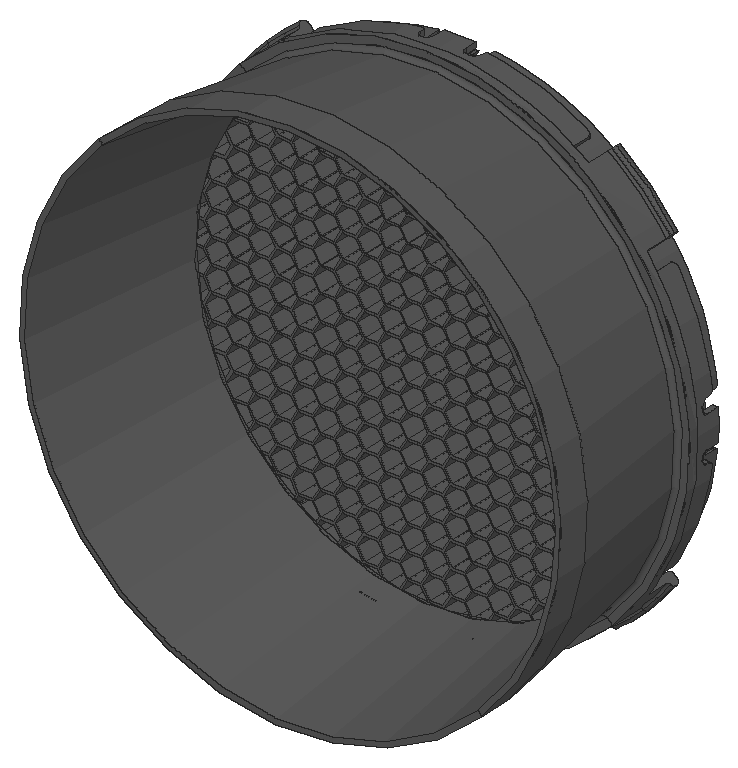
Revit family "SD1906", category Luminárias, Revit 2023 (continued)
Forms (m)
  Extrusion 14, void
    sketch origin (0, 0, 0) x (1, 0, 0) y (0, 0, 1)
      loop
        line (0.074428, 0.01625) -> (0.07567, 0.0184) -> (0.074428, 0.02055) -> (0.071946, 0.02055) -> (0.070704, 0.0184) -> (0.071946, 0.01625) -> (0.074428, 0.01625)
      loop
        line (0.074428, 0.02085) -> (0.07567, 0.023) -> (0.074428, 0.02515) -> (0.071946, 0.02515) -> (0.070704, 0.023) -> (0.071946, 0.02085) -> (0.074428, 0.02085)
      loop
        line (0.074428, 0.02545) -> (0.07567, 0.0276) -> (0.074428, 0.02975) -> (0.071946, 0.02975) -> (0.070704, 0.0276) -> (0.071946, 0.02545) -> (0.074428, 0.02545)
      loop
        line (0.074428, 0.03005) -> (0.07567, 0.0322) -> (0.074428, 0.03435) -> (0.071946, 0.03435) -> (0.070704, 0.0322) -> (0.071946, 0.03005) -> (0.074428, 0.03005)
      loop
        line (0.074428, -0.03435) -> (0.07567, -0.0322) -> (0.074428, -0.03005) -> (0.071946, -0.03005) -> (0.070704, -0.0322) -> (0.071946, -0.03435) -> (0.074428, -0.03435)
      loop
        line (0.074428, -0.02975) -> (0.07567, -0.0276) -> (0.074428, -0.02545) -> (0.071946, -0.02545) -> (0.070704, -0.0276) -> (0.071946, -0.02975) -> (0.074428, -0.02975)
      loop
        line (0.074428, -0.02515) -> (0.07567, -0.023) -> (0.074428, -0.02085) -> (0.071946, -0.02085) -> (0.070704, -0.023) -> (0.071946, -0.02515) -> (0.074428, -0.02515)
      loop
        line (0.074428, -0.02055) -> (0.07567, -0.0184) -> (0.074428, -0.01625) -> (0.071946, -0.01625) -> (0.070704, -0.0184) -> (0.071946, -0.02055) -> (0.074428, -0.02055)
      loop
        line (0.074428, -0.01595) -> (0.07567, -0.0138) -> (0.074428, -0.01165) -> (0.071946, -0.01165) -> (0.070704, -0.0138) -> (0.071946, -0.01595) -> (0.074428, -0.01595)
      loop
        line (0.074428, -0.01135) -> (0.07567, -0.0092) -> (0.074428, -0.00705) -> (0.071946, -0.00705) -> (0.070704, -0.0092) -> (0.071946, -0.01135) -> (0.074428, -0.01135)
      loop
        line (0.074428, -0.00675) -> (0.07567, -0.0046) -> (0.074428, -0.00245) -> (0.071946, -0.00245) -> (0.070704, -0.0046) -> (0.071946, -0.00675) -> (0.074428, -0.00675)
      loop
        line (0.078418, -0.00016) -> (0.075935, -0.00016) -> (0.074705, -0.00229) -> (0.075952, -0.00445) -> (0.0784, -0.00445) -> (0.079647, -0.00229) -> (0.078418, -0.00016)
      loop
        line (0.078418, 0.00016) -> (0.079647, 0.00229) -> (0.0784, 0.00445) -> (0.075952, 0.00445) -> (0.074705, 0.00229) -> (0.075935, 0.00016) -> (0.078418, 0.00016)
      loop
        line (0.078418, -0.00477) -> (0.075935, -0.00477) -> (0.074705, -0.0069) -> (0.075952, -0.00906) -> (0.0784, -0.00906) -> (0.079647, -0.0069) -> (0.078418, -0.00477)
      loop
        line (0.078418, -0.00938) -> (0.075935, -0.00938) -> (0.074705, -0.01151) -> (0.075952, -0.01367) -> (0.0784, -0.01367) -> (0.079647, -0.01151) -> (0.078418, -0.00938)
      loop
        line (0.078418, -0.01399) -> (0.075935, -0.01399) -> (0.074705, -0.01612) -> (0.075952, -0.01828) -> (0.0784, -0.01828) -> (0.079647, -0.01612) -> (0.078418, -0.01399)
      loop
        line (0.078418, -0.0186) -> (0.075935, -0.0186) -> (0.074705, -0.02073) -> (0.075952, -0.02289) -> (0.0784, -0.02289) -> (0.079647, -0.02073) -> (0.078418, -0.0186)
      loop
        line (0.078418, -0.02321) -> (0.075935, -0.02321) -> (0.074705, -0.02534) -> (0.075952, -0.0275) -> (0.0784, -0.0275) -> (0.079647, -0.02534) -> (0.078418, -0.02321)
      loop
        line (0.078418, -0.02782) -> (0.075935, -0.02782) -> (0.074705, -0.02995) -> (0.075952, -0.03211) -> (0.0784, -0.03211) -> (0.079647, -0.02995) -> (0.078418, -0.02782)
      loop
        line (0.078418, 0.03211) -> (0.075935, 0.03211) -> (0.074705, 0.02998) -> (0.075952, 0.02782) -> (0.0784, 0.02782) -> (0.079647, 0.02998) -> (0.078418, 0.03211)
      loop
        line (0.078418, 0.0275) -> (0.075935, 0.0275) -> (0.074705, 0.02537) -> (0.075952, 0.02321) -> (0.0784, 0.02321) -> (0.079647, 0.02537) -> (0.078418, 0.0275)
      loop
        line (0.078418, 0.02289) -> (0.075935, 0.02289) -> (0.074705, 0.02076) -> (0.075952, 0.0186) -> (0.0784, 0.0186) -> (0.079647, 0.02076) -> (0.078418, 0.02289)
      loop
        line (0.078418, 0.01828) -> (0.075935, 0.01828) -> (0.074705, 0.01615) -> (0.075952, 0.01399) -> (0.0784, 0.01399) -> (0.079647, 0.01615) -> (0.078418, 0.01828)
      loop
        line (0.078418, 0.01367) -> (0.075935, 0.01367) -> (0.074705, 0.01154) -> (0.075952, 0.00938) -> (0.0784, 0.00938) -> (0.079647, 0.01154) -> (0.078418, 0.01367)
      loop
        line (0.078418, 0.00906) -> (0.075935, 0.00906) -> (0.074705, 0.00693) -> (0.075952, 0.00477) -> (0.0784, 0.00477) -> (0.079647, 0.00693) -> (0.078418, 0.00906)
      loop
        line (0.079925, 0.00215) -> (0.078683, 0) -> (0.079925, -0.00215) -> (0.082407, -0.00215) -> (0.083649, 0) -> (0.082407, 0.00215) -> (0.079925, 0.00215)
      loop
        line (0.082407, 0.00245) -> (0.083649, 0.0046) -> (0.082407, 0.00675) -> (0.079925, 0.00675) -> (0.078683, 0.0046) -> (0.079925, 0.00245) -> (0.082407, 0.00245)
      loop
        line (0.082407, 0.00705) -> (0.083649, 0.0092) -> (0.082407, 0.01135) -> (0.079925, 0.01135) -> (0.078683, 0.0092) -> (0.079925, 0.00705) -> (0.082407, 0.00705)
      loop
        line (0.082407, 0.01165) -> (0.083649, 0.0138) -> (0.082407, 0.01595) -> (0.079925, 0.01595) -> (0.078683, 0.0138) -> (0.079925, 0.01165) -> (0.082407, 0.01165)
      loop
        line (0.082407, 0.01625) -> (0.083649, 0.0184) -> (0.082407, 0.02055) -> (0.079925, 0.02055) -> (0.078683, 0.0184) -> (0.079925, 0.01625) -> (0.082407, 0.01625)
      loop
        line (0.082407, 0.02085) -> (0.083649, 0.023) -> (0.082407, 0.02515) -> (0.079925, 0.02515) -> (0.078683, 0.023) -> (0.079925, 0.02085) -> (0.082407, 0.02085)
      loop
        line (0.082407, 0.02545) -> (0.083649, 0.0276) -> (0.082407, 0.02975) -> (0.079925, 0.02975) -> (0.078683, 0.0276) -> (0.079925, 0.02545) -> (0.082407, 0.02545)
      loop
        line (0.082407, -0.02975) -> (0.083649, -0.0276) -> (0.082407, -0.02545) -> (0.079925, -0.02545) -> (0.078683, -0.0276) -> (0.079925, -0.02975) -> (0.082407, -0.02975)
      loop
        line (0.082407, -0.02515) -> (0.083649, -0.023) -> (0.082407, -0.02085) -> (0.079925, -0.02085) -> (0.078683, -0.023) -> (0.079925, -0.02515) -> (0.082407, -0.02515)
      loop
        line (0.082407, -0.02055) -> (0.083649, -0.0184) -> (0.082407, -0.01625) -> (0.079925, -0.01625) -> (0.078683, -0.0184) -> (0.079925, -0.02055) -> (0.082407, -0.02055)
      loop
        line (0.082407, -0.01595) -> (0.083649, -0.0138) -> (0.082407, -0.01165) -> (0.079925, -0.01165) -> (0.078683, -0.0138) -> (0.079925, -0.01595) -> (0.082407, -0.01595)
      loop
        line (0.082407, -0.01135) -> (0.083649, -0.0092) -> (0.082407, -0.00705) -> (0.079925, -0.00705) -> (0.078683, -0.0092) -> (0.079925, -0.01135) -> (0.082407, -0.01135)
      loop
        line (0.082407, -0.00675) -> (0.083649, -0.0046) -> (0.082407, -0.00245) -> (0.079925, -0.00245) -> (0.078683, -0.0046) -> (0.079925, -0.00675) -> (0.082407, -0.00675)
      loop
        line (0.086397, -0.00016) -> (0.083914, -0.00016) -> (0.082684, -0.00229) -> (0.083931, -0.00445) -> (0.086379, -0.00445) -> (0.087626, -0.00229) -> (0.086397, -0.00016)
      loop
        line (0.086397, 0.00016) -> (0.087626, 0.00229) -> (0.086379, 0.00445) -> (0.083931, 0.00445) -> (0.082684, 0.00229) -> (0.083914, 0.00016) -> (0.086397, 0.00016)
      loop
        line (0.086397, -0.00477) -> (0.083914, -0.00477) -> (0.082684, -0.0069) -> (0.083931, -0.00906) -> (0.086379, -0.00906) -> (0.087626, -0.0069) -> (0.086397, -0.00477)
      loop
        line (0.086397, -0.00938) -> (0.083914, -0.00938) -> (0.082684, -0.01151) -> (0.083931, -0.01367) -> (0.086379, -0.01367) -> (0.087626, -0.01151) -> (0.086397, -0.00938)
      loop
        line (0.086397, -0.01399) -> (0.083914, -0.01399) -> (0.082684, -0.01612) -> (0.083931, -0.01828) -> (0.086379, -0.01828) -> (0.087626, -0.01612) -> (0.086397, -0.01399)
      loop
        line (0.086397, -0.0186) -> (0.083914, -0.0186) -> (0.082684, -0.02073) -> (0.083931, -0.02289) -> (0.086379, -0.02289) -> (0.087626, -0.02073) -> (0.086397, -0.0186)
      loop
        line (0.086397, 0.02289) -> (0.083914, 0.02289) -> (0.082684, 0.02076) -> (0.083931, 0.0186) -> (0.086379, 0.0186) -> (0.087626, 0.02076) -> (0.086397, 0.02289)
      loop
        line (0.086397, 0.01828) -> (0.083914, 0.01828) -> (0.082684, 0.01615) -> (0.083931, 0.01399) -> (0.086379, 0.01399) -> (0.087626, 0.01615) -> (0.086397, 0.01828)
      loop
        line (0.086397, 0.01367) -> (0.083914, 0.01367) -> (0.082684, 0.01154) -> (0.083931, 0.00938) -> (0.086379, 0.00938) -> (0.087626, 0.01154) -> (0.086397, 0.01367)
      loop
        line (0.086397, 0.00906) -> (0.083914, 0.00906) -> (0.082684, 0.00693) -> (0.083931, 0.00477) -> (0.086379, 0.00477) -> (0.087626, 0.00693) -> (0.086397, 0.00906)
      loop
        line (0.087904, 0.00215) -> (0.086662, 0) -> (0.087904, -0.00215) -> (0.090386, -0.00215) -> (0.091628, 0) -> (0.090386, 0.00215) -> (0.087904, 0.00215)
      loop
        line (0.090386, 0.00245) -> (0.091628, 0.0046) -> (0.090386, 0.00675) -> (0.087904, 0.00675) -> (0.086662, 0.0046) -> (0.087904, 0.00245) -> (0.090386, 0.00245)
      loop
        line (0.090386, 0.00705) -> (0.091628, 0.0092) -> (0.090386, 0.01135) -> (0.087904, 0.01135) -> (0.086662, 0.0092) -> (0.087904, 0.00705) -> (0.090386, 0.00705)
      loop
        line (0.090386, 0.01165) -> (0.091628, 0.0138) -> (0.090386, 0.01595) -> (0.087904, 0.01595) -> (0.086662, 0.0138) -> (0.087904, 0.01165) -> (0.090386, 0.01165)
      loop
        line (0.090386, -0.01595) -> (0.091628, -0.0138) -> (0.090386, -0.01165) -> (0.087904, -0.01165) -> (0.086662, -0.0138) -> (0.087904, -0.01595) -> (0.090386, -0.01595)
      loop
        line (0.090386, -0.01135) -> (0.091628, -0.0092) -> (0.090386, -0.00705) -> (0.087904, -0.00705) -> (0.086662, -0.0092) -> (0.087904, -0.01135) -> (0.090386, -0.01135)
      loop
        line (0.090386, -0.00675) -> (0.091628, -0.0046) -> (0.090386, -0.00245) -> (0.087904, -0.00245) -> (0.086662, -0.0046) -> (0.087904, -0.00675) -> (0.090386, -0.00675)
      loop
        line (0.06246, -0.00016) -> (0.059977, -0.00016) -> (0.058747, -0.00229) -> (0.059994, -0.00445) -> (0.062442, -0.00445) -> (0.06369, -0.00229) -> (0.06246, -0.00016)
      loop
        line (0.06246, 0.00016) -> (0.06369, 0.00229) -> (0.062442, 0.00445) -> (0.059994, 0.00445) -> (0.058747, 0.00229) -> (0.059977, 0.00016) -> (0.06246, 0.00016)
      loop
        line (0.06246, -0.00477) -> (0.059977, -0.00477) -> (0.058747, -0.0069) -> (0.059994, -0.00906) -> (0.062442, -0.00906) -> (0.06369, -0.0069) -> (0.06246, -0.00477)
      loop
        line (0.06246, -0.00938) -> (0.059977, -0.00938) -> (0.058747, -0.01151) -> (0.059994, -0.01367) -> (0.062442, -0.01367) -> (0.06369, -0.01151) -> (0.06246, -0.00938)
      loop
        line (0.06246, -0.01399) -> (0.059977, -0.01399) -> (0.058747, -0.01612) -> (0.059994, -0.01828) -> (0.062442, -0.01828) -> (0.06369, -0.01612) -> (0.06246, -0.01399)
      loop
        line (0.06246, -0.0186) -> (0.059977, -0.0186) -> (0.058747, -0.02073) -> (0.059994, -0.02289) -> (0.062442, -0.02289) -> (0.06369, -0.02073) -> (0.06246, -0.0186)
      loop
        line (0.06246, -0.02321) -> (0.059977, -0.02321) -> (0.058747, -0.02534) -> (0.059994, -0.0275) -> (0.062442, -0.0275) -> (0.06369, -0.02534) -> (0.06246, -0.02321)
      loop
        line (0.06246, -0.02782) -> (0.059977, -0.02782) -> (0.058747, -0.02995) -> (0.059994, -0.03211) -> (0.062442, -0.03211) -> (0.06369, -0.02995) -> (0.06246, -0.02782)
      loop
        line (0.06246, -0.03243) -> (0.059977, -0.03243) -> (0.058747, -0.03456) -> (0.059994, -0.03672) -> (0.062442, -0.03672) -> (0.06369, -0.03456) -> (0.06246, -0.03243)
      loop
        line (0.06246, -0.03704) -> (0.059977, -0.03704) -> (0.058747, -0.03917) -> (0.059994, -0.04133) -> (0.062442, -0.04133) -> (0.06369, -0.03917) -> (0.06246, -0.03704)
      loop
        line (0.06246, 0.03672) -> (0.059977, 0.03672) -> (0.058747, 0.03459) -> (0.059994, 0.03243) -> (0.062442, 0.03243) -> (0.06369, 0.03459) -> (0.06246, 0.03672)
      loop
        line (0.06246, 0.03704) -> (0.06369, 0.03917) -> (0.062442, 0.04133) -> (0.059994, 0.04133) -> (0.058747, 0.03917) -> (0.059977, 0.03704) -> (0.06246, 0.03704)
      loop
        line (0.06246, 0.03211) -> (0.059977, 0.03211) -> (0.058747, 0.02998) -> (0.059994, 0.02782) -> (0.062442, 0.02782) -> (0.06369, 0.02998) -> (0.06246, 0.03211)
      loop
        line (0.06246, 0.0275) -> (0.059977, 0.0275) -> (0.058747, 0.02537) -> (0.059994, 0.02321) -> (0.062442, 0.02321) -> (0.06369, 0.02537) -> (0.06246, 0.0275)
      loop
        line (0.06246, 0.02289) -> (0.059977, 0.02289) -> (0.058747, 0.02076) -> (0.059994, 0.0186) -> (0.062442, 0.0186) -> (0.06369, 0.02076) -> (0.06246, 0.02289)
      loop
        line (0.06246, 0.01828) -> (0.059977, 0.01828) -> (0.058747, 0.01615) -> (0.059994, 0.01399) -> (0.062442, 0.01399) -> (0.06369, 0.01615) -> (0.06246, 0.01828)
      loop
        line (0.06246, 0.01367) -> (0.059977, 0.01367) -> (0.058747, 0.01154) -> (0.059994, 0.00938) -> (0.062442, 0.00938) -> (0.06369, 0.01154) -> (0.06246, 0.01367)
      loop
        line (0.06246, 0.00906) -> (0.059977, 0.00906) -> (0.058747, 0.00693) -> (0.059994, 0.00477) -> (0.062442, 0.00477) -> (0.06369, 0.00693) -> (0.06246, 0.00906)
      loop
        line (0.034533, 0.03925) -> (0.035775, 0.0414) -> (0.034533, 0.04355) -> (0.032051, 0.04355) -> (0.030809, 0.0414) -> (0.032051, 0.03925) -> (0.034533, 0.03925)
      loop
        line (0.063967, 0.03925) -> (0.066449, 0.03925) -> (0.067691, 0.0414) -> (0.066449, 0.04355) -> (0.063967, 0.04355) -> (0.062725, 0.0414) -> (0.063967, 0.03925)
      loop
        line (0.026554, 0.03465) -> (0.027796, 0.0368) -> (0.026554, 0.03895) -> (0.024072, 0.03895) -> (0.02283, 0.0368) -> (0.024072, 0.03465) -> (0.026554, 0.03465)
      loop
        line (0.071946, 0.03465) -> (0.074428, 0.03465) -> (0.07567, 0.0368) -> (0.074428, 0.03895) -> (0.071946, 0.03895) -> (0.070704, 0.0368) -> (0.071946, 0.03465)
      loop
        line (0.034533, -0.03925) -> (0.032051, -0.03925) -> (0.030809, -0.0414) -> (0.032051, -0.04355) -> (0.034533, -0.04355) -> (0.035775, -0.0414) -> (0.034533, -0.03925)
      loop
        line (0.063967, -0.03925) -> (0.062725, -0.0414) -> (0.063967, -0.04355) -> (0.066449, -0.04355) -> (0.067691, -0.0414) -> (0.066449, -0.03925) -> (0.063967, -0.03925)
      loop
        line (0.026554, -0.03465) -> (0.024072, -0.03465) -> (0.02283, -0.0368) -> (0.024072, -0.03895) -> (0.026554, -0.03895) -> (0.027796, -0.0368) -> (0.026554, -0.03465)
      loop
        line (0.071946, -0.03465) -> (0.070704, -0.0368) -> (0.071946, -0.03895) -> (0.074428, -0.03895) -> (0.07567, -0.0368) -> (0.074428, -0.03465) -> (0.071946, -0.03465)
      loop
        line (0.018575, 0.03005) -> (0.019817, 0.0322) -> (0.018575, 0.03435) -> (0.016093, 0.03435) -> (0.014851, 0.0322) -> (0.016093, 0.03005) -> (0.018575, 0.03005)
      loop
        line (0.079925, 0.03005) -> (0.082407, 0.03005) -> (0.083649, 0.0322) -> (0.082407, 0.03435) -> (0.079925, 0.03435) -> (0.078683, 0.0322) -> (0.079925, 0.03005)
      loop
        line (0.018575, -0.03005) -> (0.016093, -0.03005) -> (0.014851, -0.0322) -> (0.016093, -0.03435) -> (0.018575, -0.03435) -> (0.019817, -0.0322) -> (0.018575, -0.03005)
      loop
        line (0.079925, -0.03005) -> (0.078683, -0.0322) -> (0.079925, -0.03435) -> (0.082407, -0.03435) -> (0.083649, -0.0322) -> (0.082407, -0.03005) -> (0.079925, -0.03005)
      loop
        line (0.014586, 0.0275) -> (0.012103, 0.0275) -> (0.010874, 0.02537) -> (0.012121, 0.02321) -> (0.014569, 0.02321) -> (0.015816, 0.02537) -> (0.014586, 0.0275)
      loop
        line (0.083914, 0.0275) -> (0.082684, 0.02537) -> (0.083931, 0.02321) -> (0.086379, 0.02321) -> (0.087626, 0.02537) -> (0.086397, 0.0275) -> (0.083914, 0.0275)
      loop
        line (0.014586, -0.0275) -> (0.015816, -0.02537) -> (0.014569, -0.02321) -> (0.012121, -0.02321) -> (0.010874, -0.02537) -> (0.012103, -0.0275) -> (0.014586, -0.0275)
      loop
        line (0.083914, -0.0275) -> (0.086397, -0.0275) -> (0.087626, -0.02537) -> (0.086379, -0.02321) -> (0.083931, -0.02321) -> (0.082684, -0.02537) -> (0.083914, -0.0275)
      loop
        line (0.010596, 0.02085) -> (0.011838, 0.023) -> (0.010596, 0.02515) -> (0.008114, 0.02515) -> (0.006872, 0.023) -> (0.008114, 0.02085) -> (0.010596, 0.02085)
      loop
        line (0.087904, 0.02085) -> (0.090386, 0.02085) -> (0.091628, 0.023) -> (0.090386, 0.02515) -> (0.087904, 0.02515) -> (0.086662, 0.023) -> (0.087904, 0.02085)
      loop
        line (0.010596, -0.02085) -> (0.008114, -0.02085) -> (0.006872, -0.023) -> (0.008114, -0.02515) -> (0.010596, -0.02515) -> (0.011838, -0.023) -> (0.010596, -0.02085)
      loop
        line (0.087904, -0.02085) -> (0.086662, -0.023) -> (0.087904, -0.02515) -> (0.090386, -0.02515) -> (0.091628, -0.023) -> (0.090386, -0.02085) -> (0.087904, -0.02085)
      loop
        line (0.006607, 0.01828) -> (0.004124, 0.01828) -> (0.002895, 0.01615) -> (0.004142, 0.01399) -> (0.00659, 0.01399) -> (0.007837, 0.01615) -> (0.006607, 0.01828)
      loop
        line (0.091893, 0.01828) -> (0.090663, 0.01615) -> (0.09191, 0.01399) -> (0.094358, 0.01399) -> (0.095605, 0.01615) -> (0.094376, 0.01828) -> (0.091893, 0.01828)
      loop
        line (0.006607, -0.01828) -> (0.007837, -0.01615) -> (0.00659, -0.01399) -> (0.004142, -0.01399) -> (0.002895, -0.01615) -> (0.004124, -0.01828) -> (0.006607, -0.01828)
      loop
        line (0.091893, -0.01828) -> (0.094376, -0.01828) -> (0.095605, -0.01615) -> (0.094358, -0.01399) -> (0.09191, -0.01399) -> (0.090663, -0.01615) -> (0.091893, -0.01828)
      loop
        line (0.006607, 0.00016) -> (0.007837, 0.00229) -> (0.00659, 0.00445) -> (0.004142, 0.00445) -> (0.002895, 0.00229) -> (0.004124, 0.00016) -> (0.006607, 0.00016)
      loop
        line (0.091893, 0.00016) -> (0.094376, 0.00016) -> (0.095605, 0.00229) -> (0.094358, 0.00445) -> (0.09191, 0.00445) -> (0.090663, 0.00229) -> (0.091893, 0.00016)
      loop
        line (0.006607, -0.00016) -> (0.004124, -0.00016) -> (0.002895, -0.00229) -> (0.004142, -0.00445) -> (0.00659, -0.00445) -> (0.007837, -0.00229) -> (0.006607, -0.00016)
      loop
        line (0.091893, -0.00016) -> (0.090663, -0.00229) -> (0.09191, -0.00445) -> (0.094358, -0.00445) -> (0.095605, -0.00229) -> (0.094376, -0.00016) -> (0.091893, -0.00016)
      loop
        line (0.047616, 0.04363) -> (0.046219, 0.046051) -> (0.044302, 0.046051) -> (0.042905, 0.04363) -> (0.044094, 0.04157) -> (0.046427, 0.04157) -> (0.047616, 0.04363)
      loop
        line (0.050884, 0.04363) -> (0.052073, 0.04157) -> (0.054406, 0.04157) -> (0.055595, 0.04363) -> (0.054198, 0.046051) -> (0.052281, 0.046051) -> (0.050884, 0.04363)
      loop
        line (0.047616, -0.04363) -> (0.046427, -0.04157) -> (0.044094, -0.04157) -> (0.042905, -0.04363) -> (0.044302, -0.046051) -> (0.046219, -0.046051) -> (0.047616, -0.04363)
      loop
        line (0.050884, -0.04363) -> (0.052281, -0.046051) -> (0.054198, -0.046051) -> (0.055595, -0.04363) -> (0.054406, -0.04157) -> (0.052073, -0.04157) -> (0.050884, -0.04363)
      loop
        line (0.055988, 0.04385) -> (0.05847, 0.04385) -> (0.059712, 0.046) -> (0.05847, 0.04815) -> (0.055988, 0.04815) -> (0.054746, 0.046) -> (0.055988, 0.04385)
      loop
        line (0.063574, 0.04363) -> (0.062385, 0.04569) -> (0.060052, 0.04569) -> (0.058863, 0.04363) -> (0.060052, 0.04157) -> (0.062385, 0.04157) -> (0.063574, 0.04363)
      loop
        line (0.042512, 0.04385) -> (0.043754, 0.046) -> (0.042512, 0.04815) -> (0.04003, 0.04815) -> (0.038788, 0.046) -> (0.04003, 0.04385) -> (0.042512, 0.04385)
      loop
        line (0.034926, 0.04363) -> (0.036115, 0.04157) -> (0.038448, 0.04157) -> (0.039637, 0.04363) -> (0.038448, 0.04569) -> (0.036115, 0.04569) -> (0.034926, 0.04363)
      loop
        line (0.055988, -0.04385) -> (0.054746, -0.046) -> (0.055988, -0.04815) -> (0.05847, -0.04815) -> (0.059712, -0.046) -> (0.05847, -0.04385) -> (0.055988, -0.04385)
      loop
        line (0.063574, -0.04363) -> (0.062385, -0.04157) -> (0.060052, -0.04157) -> (0.058863, -0.04363) -> (0.060052, -0.04569) -> (0.062385, -0.04569) -> (0.063574, -0.04363)
      loop
        line (0.042512, -0.04385) -> (0.04003, -0.04385) -> (0.038788, -0.046) -> (0.04003, -0.04815) -> (0.042512, -0.04815) -> (0.043754, -0.046) -> (0.042512, -0.04385)
      loop
        line (0.034926, -0.04363) -> (0.036115, -0.04569) -> (0.038448, -0.04569) -> (0.039637, -0.04363) -> (0.038448, -0.04157) -> (0.036115, -0.04157) -> (0.034926, -0.04363)
      loop
        line (0.028136, 0.04123) -> (0.026947, 0.03917) -> (0.028119, 0.03714) -> (0.030486, 0.03714) -> (0.031658, 0.03917) -> (0.030469, 0.04123) -> (0.028136, 0.04123)
      loop
        line (0.070364, 0.04123) -> (0.068031, 0.04123) -> (0.066842, 0.03917) -> (0.068014, 0.03714) -> (0.070381, 0.03714) -> (0.071553, 0.03917) -> (0.070364, 0.04123)
      loop
        line (0.028136, -0.04123) -> (0.030469, -0.04123) -> (0.031658, -0.03917) -> (0.030486, -0.03714) -> (0.028119, -0.03714) -> (0.026947, -0.03917) -> (0.028136, -0.04123)
      loop
        line (0.070364, -0.04123) -> (0.071553, -0.03917) -> (0.070381, -0.03714) -> (0.068014, -0.03714) -> (0.066842, -0.03917) -> (0.068031, -0.04123) -> (0.070364, -0.04123)
      loop
        line (0.022612, 0.036438) -> (0.02014, 0.03662) -> (0.018968, 0.03459) -> (0.020157, 0.03253) -> (0.02249, 0.03253) -> (0.023679, 0.03459) -> (0.022612, 0.036438)
      loop
        line (0.075888, 0.036438) -> (0.074821, 0.03459) -> (0.07601, 0.03253) -> (0.078343, 0.03253) -> (0.079532, 0.03459) -> (0.07836, 0.03662) -> (0.075888, 0.036438)
      loop
        line (0.022612, -0.036438) -> (0.023679, -0.03459) -> (0.02249, -0.03253) -> (0.020157, -0.03253) -> (0.018968, -0.03459) -> (0.02014, -0.03662) -> (0.022612, -0.036438)
      loop
        line (0.075888, -0.036438) -> (0.07836, -0.03662) -> (0.079532, -0.03459) -> (0.078343, -0.03253) -> (0.07601, -0.03253) -> (0.074821, -0.03459) -> (0.075888, -0.036438)
      loop
        line (0.0157, 0.02998) -> (0.014528, 0.03201) -> (0.012161, 0.03201) -> (0.010989, 0.02998) -> (0.012178, 0.02792) -> (0.014511, 0.02792) -> (0.0157, 0.02998)
      loop
        line (0.0828, 0.02998) -> (0.083989, 0.02792) -> (0.086322, 0.02792) -> (0.087511, 0.02998) -> (0.086339, 0.03201) -> (0.083972, 0.03201) -> (0.0828, 0.02998)
      loop
        line (0.011607, 0.0184) -> (0.010481, 0.02035) -> (0.008229, 0.02035) -> (0.007103, 0.0184) -> (0.008229, 0.01645) -> (0.010481, 0.01645) -> (0.011607, 0.0184)
      loop
        line (0.086893, 0.0184) -> (0.088019, 0.01645) -> (0.090271, 0.01645) -> (0.091397, 0.0184) -> (0.090271, 0.02035) -> (0.088019, 0.02035) -> (0.086893, 0.0184)
      loop
        line (0.011607, -0.0184) -> (0.010481, -0.01645) -> (0.008229, -0.01645) -> (0.007103, -0.0184) -> (0.008229, -0.02035) -> (0.010481, -0.02035) -> (0.011607, -0.0184)
      loop
        line (0.086893, -0.0184) -> (0.088019, -0.02035) -> (0.090271, -0.02035) -> (0.091397, -0.0184) -> (0.090271, -0.01645) -> (0.088019, -0.01645) -> (0.086893, -0.0184)
      loop
        line (0.006549, 0.01357) -> (0.004182, 0.01357) -> (0.00301, 0.01154) -> (0.004199, 0.00948) -> (0.006532, 0.00948) -> (0.007721, 0.01154) -> (0.006549, 0.01357)
      loop
        line (0.092009, 0.01347) -> (0.090894, 0.01154) -> (0.092026, 0.00958) -> (0.094243, 0.00958) -> (0.095375, 0.01154) -> (0.09426, 0.01347) -> (0.092009, 0.01347)
      loop
        line (0.006549, -0.01357) -> (0.007721, -0.01154) -> (0.006532, -0.00948) -> (0.004199, -0.00948) -> (0.00301, -0.01154) -> (0.004182, -0.01357) -> (0.006549, -0.01357)
      loop
        line (0.092009, -0.01347) -> (0.09426, -0.01347) -> (0.095375, -0.01154) -> (0.094243, -0.00958) -> (0.092026, -0.00958) -> (0.090894, -0.01154) -> (0.092009, -0.01347)
      loop
        line (0.00301, 0.00693) -> (0.004203, 0.00487) -> (0.006532, 0.00487) -> (0.007721, 0.00693) -> (0.006549, 0.00896) -> (0.004182, 0.00896) -> (0.00301, 0.00693)
      loop
        line (0.09549, 0.00693) -> (0.094318, 0.00896) -> (0.091951, 0.00896) -> (0.090779, 0.00693) -> (0.091968, 0.00487) -> (0.094297, 0.00487) -> (0.09549, 0.00693)
      loop
        line (0.00301, -0.00693) -> (0.004182, -0.00896) -> (0.006549, -0.00896) -> (0.007721, -0.00693) -> (0.006532, -0.00487) -> (0.004203, -0.00487) -> (0.00301, -0.00693)
      loop
        line (0.09549, -0.00693) -> (0.094297, -0.00487) -> (0.091968, -0.00487) -> (0.090779, -0.00693) -> (0.091951, -0.00896) -> (0.094318, -0.00896) -> (0.09549, -0.00693)
      loop
        line (0.0828, -0.02995) -> (0.083989, -0.03201) -> (0.086322, -0.03201) -> (0.087511, -0.02995) -> (0.086339, -0.02792) -> (0.083972, -0.02792) -> (0.0828, -0.02995)
      loop
        line (0.01447, -0.02802) -> (0.012219, -0.02802) -> (0.011104, -0.02995) -> (0.012236, -0.03191) -> (0.014453, -0.03191) -> (0.015585, -0.02995) -> (0.01447, -0.02802)
    from -0.01935 to -0.013
Cuts and joins
  Extrusion 2 cuts Revolve 1
  Extrusion 4, Extrusion 5, Extrusion 6 cuts Revolve 3
  joined: Revolve 1, Revolve 3
  Revolve 8, Extrusion 9, Extrusion 10, Extrusion 11, Extrusion 12 cuts Revolve 7
  Extrusion 14 cuts Extrusion 13
Lines and regions (m)
  reference lines
    curve 1: line (0, 0, 0) -> (0.0985, 0, 0)
  symbolic lines
    curve 2: line (0, -0.0205, 0.0497) -> (0, -0.0205, -0.0497)
    curve 3: line (0.04925, 0, 0.04625) -> (0.04925, 0, -0.04625)
Dimensions and locks (m)
  "system length 1": plane 3 "Esquerda" to plane 4 "Direita"
  "Altura": plane 5 to plane 6
  "Diâmetro": plane 4 "Direita" to plane 3 "Esquerda"
  aligned and locked: plane 4 "Direita" to curve 1
  aligned and locked: plane 1 "Centro (Frente/Trás)" to curve 1
  aligned and locked: level to plane 2
Automatic sketch dimensions
  curve 2 to plane 6 = 0 m
  curve 2 to plane 8 = 0.00045 m
  plane 7 to curve 2 = 0.00045 m
  plane 8 to curve 3 = 0.003 m
  curve 3 to plane 4 "Direita" = 0.04925 m
  curve 3 to plane 7 = 0.003 m
  curve 1 to plane 3 "Esquerda" = 0 m
  Revolve 1 sketch curve to plane 6 = 0 m
  plane 6 to Revolve 1 sketch curve = 0.006452 m
  Revolve 1 sketch curve to Revolve 1 sketch curve = 0.000113 m
  Revolve 1 sketch curve to plane 5 = 0.003542 m
  Revolve 1 sketch curve to Revolve 1 sketch curve = 0.000758 m
  Revolve 1 sketch curve to Revolve 1 sketch curve = 0.001 m
  Revolve 1 sketch curve to Revolve 1 sketch curve = 0.000434 m
  Revolve 1 sketch curve to plane 5 = 0.0098 m
  Revolve 1 sketch curve to Revolve 1 sketch curve = 0.000474 m
  Revolve 1 sketch curve to Revolve 1 sketch curve = 0.000583 m
  Revolve 1 sketch curve to Revolve 1 sketch curve = 0.000203 m
  Revolve 1 sketch curve to Revolve 1 sketch curve = 0.000326 m
  Revolve 1 sketch curve to Revolve 1 sketch curve = 0.000554 m
  Revolve 1 sketch curve to Revolve 1 sketch curve = 0.001416 m
  Revolve 1 sketch curve to plane 5 = 0.001904 m
  Revolve 1 sketch curve to Revolve 1 sketch curve = 0.000713 m
  Revolve 1 sketch curve to Revolve 1 sketch curve = 0.000121 m
  Revolve 1 sketch curve to plane 1 "Centro (Frente/Trás)" = 0.009786 m
  Revolve 1 sketch curve to Revolve 1 sketch curve = 0.000792 m
  Revolve 1 sketch curve to plane 5 = 0.008 m
  Revolve 1 sketch curve to Revolve 1 sketch curve = 0.002881 m
  Revolve 1 sketch curve to Revolve 1 sketch curve = 0.000349 m
  Revolve 1 sketch curve to Revolve 1 sketch curve = 0.000958 m
  Revolve 1 sketch curve to Revolve 1 sketch curve = 0.000023 m
  Revolve 1 sketch curve to Revolve 1 sketch curve = 0.000296 m
  Revolve 1 sketch curve to Revolve 1 sketch curve = 0.0008 m
  Revolve 1 sketch curve to Revolve 1 sketch curve = 0 m
  Revolve 1 sketch curve to Revolve 1 sketch curve = 0.000214 m
  plane 5 to Revolve 1 sketch curve = 0.002736 m
  Revolve 1 sketch curve to Revolve 1 sketch curve = 0.043937 m
  Revolve 1 sketch curve to plane 6 = 0.006264 m
  Extrusion 2 sketch curve to Extrusion 2 sketch curve = 0 m  (x15)
  Extrusion 2 sketch curve to level = 0 m
  plane 9 to Extrusion 2 sketch curve = 0 m
  Extrusion 2 sketch curve to Extrusion 2 sketch curve = 0.007522 m  (x4)
  Extrusion 2 sketch curve to Extrusion 2 sketch curve = 0.033608 m  (x2)
  Extrusion 2 sketch curve to Extrusion 2 sketch curve = 0.01592 m  (x4)
  Extrusion 2 sketch curve to Extrusion 2 sketch curve = 0.015045 m  (x4)
  Revolve 3 sketch curve to plane 5 = 0.008 m
  Revolve 3 sketch curve to Revolve 3 sketch curve = 0.000998 m
  Revolve 3 sketch curve to plane 5 = 0.002 m
  plane 5 to Revolve 3 sketch curve = 0.002041 m
  Revolve 3 sketch curve to Revolve 3 sketch curve = 0.046439 m
  Revolve 3 sketch curve to plane 5 = 0.0098 m
  Extrusion 4 sketch curve to Extrusion 4 sketch curve = 0 m  (x17)
  Extrusion 4 sketch curve to level = 0 m
  plane 9 to Extrusion 4 sketch curve = 0 m
  Extrusion 4 sketch curve to Extrusion 4 sketch curve = 0.008513 m  (x4)
  Extrusion 4 sketch curve to Extrusion 4 sketch curve = 0.002857 m  (x8)
  Extrusion 4 sketch curve to Extrusion 4 sketch curve = 0.036456 m  (x4)
  Extrusion 4 sketch curve to Extrusion 4 sketch curve = 0.012234 m  (x6)
  Extrusion 4 sketch curve to Extrusion 4 sketch curve = 0.017026 m  (x2)
  Extrusion 5 sketch curve to plane 5 = 0.001619 m  (x2)
  plane 3 "Esquerda" to Extrusion 5 sketch curve = 0.024214 m
  Extrusion 5 sketch curve to Extrusion 5 sketch curve = 0.001 m  (x4)
  Extrusion 5 sketch curve to plane 5 = 0.004472 m  (x2)
  plane 9 to Extrusion 5 sketch curve = 0.009838 m
  Extrusion 5 sketch curve to Extrusion 5 sketch curve = 0.003409 m  (x2)
  plane 9 to Extrusion 5 sketch curve = 0.00293 m
  Extrusion 5 sketch curve to plane 9 = 0.00293 m
  Extrusion 5 sketch curve to Extrusion 5 sketch curve = 0.003499 m
  Extrusion 5 sketch curve to Extrusion 5 sketch curve = 0.014198 m
  Extrusion 5 sketch curve to Extrusion 5 sketch curve = 0.002881 m
  Extrusion 5 sketch curve to plane 5 = 0.0045 m
  Extrusion 5 sketch curve to Extrusion 5 sketch curve = 0.002381 m
  Extrusion 5 sketch curve to plane 5 = 0.004 m
  Extrusion 5 sketch curve to Extrusion 5 sketch curve = 0.00091 m
  Extrusion 5 sketch curve to Extrusion 5 sketch curve = 0.001249 m
  Extrusion 6 sketch curve to plane 5 = 0.001619 m  (x2)
  plane 8 to Extrusion 6 sketch curve = 0.024214 m
  Extrusion 6 sketch curve to Extrusion 6 sketch curve = 0.001 m  (x4)
  Extrusion 6 sketch curve to plane 5 = 0.004472 m
  Extrusion 6 sketch curve to level = 0.009838 m
  Extrusion 6 sketch curve to Extrusion 6 sketch curve = 0.003409 m  (x2)
  Extrusion 6 sketch curve to level = 0.00293 m
  level to Extrusion 6 sketch curve = 0.00293 m
  Extrusion 6 sketch curve to Extrusion 6 sketch curve = 0.003499 m
  Extrusion 6 sketch curve to Extrusion 6 sketch curve = 0.014198 m
  Extrusion 6 sketch curve to Extrusion 6 sketch curve = 0.002881 m
  Extrusion 6 sketch curve to plane 5 = 0.0045 m
  Extrusion 6 sketch curve to Extrusion 6 sketch curve = 0.000028 m
  Extrusion 6 sketch curve to Extrusion 6 sketch curve = 0.002381 m
  Extrusion 6 sketch curve to plane 5 = 0.004 m
  Extrusion 6 sketch curve to Extrusion 6 sketch curve = 0.00091 m
  Extrusion 6 sketch curve to Extrusion 6 sketch curve = 0.001249 m
  Extrusion 6 sketch curve to Extrusion 6 sketch curve = 0 m
  Extrusion 6 sketch curve to Extrusion 6 sketch curve = 0.00009 m
  plane 6 to Revolve 7 sketch curve = 0.04055 m
  Revolve 7 sketch curve to Revolve 7 sketch curve = 0.0007 m
  Revolve 7 sketch curve to Revolve 7 sketch curve = 0.0015 m
  Revolve 7 sketch curve to Revolve 7 sketch curve = 0.00685 m
  Revolve 7 sketch curve to Revolve 7 sketch curve = 0.04405 m
  plane 6 to Revolve 7 sketch curve = 0.031357 m
  Revolve 7 sketch curve to Revolve 7 sketch curve = 0.01 m
  level to Revolve 8 sketch curve = 0 m
  plane 8 to Revolve 8 sketch curve = 0.0052 m
  Revolve 8 sketch curve to Revolve 8 sketch curve = 0.0017 m
  plane 6 to Revolve 8 sketch curve = 0.0335 m
  Revolve 8 sketch curve to Revolve 8 sketch curve = 0.00705 m
  plane 6 to Revolve 8 sketch curve = 0.031357 m
  Revolve 8 sketch curve to Revolve 8 sketch curve = 0.01 m
  Extrusion 9 sketch curve to level = 0.0055 m
  Extrusion 9 sketch curve to Extrusion 9 sketch curve = 0.00057 m  (x2)
  level to Extrusion 9 sketch curve = 0.005068 m
  plane 6 to Extrusion 9 sketch curve = 0.0375 m
  Extrusion 9 sketch curve to Extrusion 9 sketch curve = 0.00248 m
  plane 6 to Extrusion 10 sketch curve = 0.03998 m
  Extrusion 10 sketch curve to plane 4 "Direita" = 0.05475 m
  Extrusion 10 sketch curve to Extrusion 10 sketch curve = 0.00057 m  (x2)
  Extrusion 10 sketch curve to Extrusion 10 sketch curve = 0.009999 m
  Extrusion 10 sketch curve to Extrusion 10 sketch curve = 0.00248 m
  plane 6 to Extrusion 11 sketch curve = 0.03895 m
  Extrusion 11 sketch curve to Extrusion 11 sketch curve = 0.001 m  (x2)
  Extrusion 11 sketch curve to Extrusion 11 sketch curve = 0.0009 m  (x2)
  Extrusion 11 sketch curve to Extrusion 11 sketch curve = 0.0042 m
  Extrusion 11 sketch curve to Extrusion 11 sketch curve = 0.001703 m
  plane 6 to Extrusion 12 sketch curve = 0.03895 m
  Extrusion 12 sketch curve to Extrusion 12 sketch curve = 0.001 m  (x2)
  Extrusion 12 sketch curve to Extrusion 12 sketch curve = 0.0009 m  (x2)
  Extrusion 12 sketch curve to Extrusion 12 sketch curve = 0.0042 m
  Extrusion 12 sketch curve to Extrusion 12 sketch curve = 0.001703 m
  Extrusion 13 sketch curve to level = 0 m
  plane 9 to Extrusion 13 sketch curve = 0 m
  Extrusion 14 sketch curve to level = 0 m  (x22)
  plane 3 "Esquerda" to Extrusion 14 sketch curve = 0.002895 m  (x4)
  plane 3 "Esquerda" to Extrusion 14 sketch curve = 0.00301 m  (x4)
  level to Extrusion 14 sketch curve = 0.00016 m  (x12)
  Extrusion 14 sketch curve to Extrusion 14 sketch curve = 0.00123 m  (x74)
  Extrusion 14 sketch curve to level = 0.00016 m  (x12)
  Extrusion 14 sketch curve to Extrusion 14 sketch curve = 0 m  (x337)
  Extrusion 14 sketch curve to Extrusion 14 sketch curve = 0.001247 m  (x4)
  Extrusion 14 sketch curve to Extrusion 14 sketch curve = 0.001172 m  (x20)
  Extrusion 14 sketch curve to Extrusion 14 sketch curve = 0.00004 m  (x8)
  Extrusion 14 sketch curve to Extrusion 14 sketch curve = 0.000017 m  (x179)
  Extrusion 14 sketch curve to Extrusion 14 sketch curve = 0.000061 m  (x4)
  Extrusion 14 sketch curve to Extrusion 14 sketch curve = 0.002329 m  (x4)
  Extrusion 14 sketch curve to Extrusion 14 sketch curve = 0.002332 m  (x25)
  Extrusion 14 sketch curve to Extrusion 14 sketch curve = 0.002367 m  (x9)
  Extrusion 14 sketch curve to Extrusion 14 sketch curve = 0.000058 m  (x30)
  Extrusion 14 sketch curve to Extrusion 14 sketch curve = 0.002483 m  (x188)
  Extrusion 14 sketch curve to Extrusion 14 sketch curve = 0.000323 m  (x6)
  Extrusion 14 sketch curve to Extrusion 14 sketch curve = 0.000283 m  (x176)
  Extrusion 14 sketch curve to Extrusion 14 sketch curve = 0.000266 m  (x239)
  Extrusion 14 sketch curve to Extrusion 14 sketch curve = 0.000497 m  (x7)
  Extrusion 14 sketch curve to Extrusion 14 sketch curve = 0.000733 m  (x7)
  level to Extrusion 14 sketch curve = 0.00229 m  (x22)
  Extrusion 14 sketch curve to level = 0.00229 m  (x22)
  Extrusion 14 sketch curve to Extrusion 14 sketch curve = 0.000393 m  (x45)
  Extrusion 14 sketch curve to level = 0.00245 m  (x6)
  Extrusion 14 sketch curve to Extrusion 14 sketch curve = 0.000277 m  (x361)
  Extrusion 14 sketch curve to Extrusion 14 sketch curve = 0.001241 m  (x72)
  level to Extrusion 14 sketch curve = 0.00245 m  (x7)
  Extrusion 14 sketch curve to Extrusion 14 sketch curve = 0.000115 m  (x15)
  Extrusion 14 sketch curve to Extrusion 14 sketch curve = 0.002252 m  (x11)
  Extrusion 14 sketch curve to Extrusion 14 sketch curve = 0.001126 m  (x4)
  Extrusion 14 sketch curve to Extrusion 14 sketch curve = 0.000964 m  (x176)
  Extrusion 14 sketch curve to level = 0.0046 m  (x16)
  level to Extrusion 14 sketch curve = 0.0046 m  (x16)
  Extrusion 14 sketch curve to level = 0.00477 m  (x7)
  level to Extrusion 14 sketch curve = 0.00477 m  (x5)
  Extrusion 14 sketch curve to level = 0.00445 m  (x7)
  Extrusion 14 sketch curve to Extrusion 14 sketch curve = 0.000075 m  (x10)
  Extrusion 14 sketch curve to Extrusion 14 sketch curve = 0.002448 m  (x132)
  level to Extrusion 14 sketch curve = 0.00445 m  (x6)
  Extrusion 14 sketch curve to level = 0.0069 m  (x12)
  level to Extrusion 14 sketch curve = 0.00693 m  (x12)
  level to Extrusion 14 sketch curve = 0.00675 m  (x5)
  level to Extrusion 14 sketch curve = 0.00215 m  (x9)
  Extrusion 14 sketch curve to level = 0.00675 m  (x4)
  level to Extrusion 14 sketch curve = 0.00705 m  (x5)
  Extrusion 14 sketch curve to level = 0.0092 m  (x8)
  level to Extrusion 14 sketch curve = 0.0092 m  (x8)
  Extrusion 14 sketch curve to level = 0.00906 m  (x2)
  level to Extrusion 14 sketch curve = 0.00938 m
  Extrusion 14 sketch curve to Extrusion 14 sketch curve = 0.002472 m  (x4)
  Extrusion 14 sketch curve to Extrusion 14 sketch curve = 0.000219 m  (x4)
  Extrusion 14 sketch curve to Extrusion 14 sketch curve = 0.001067 m  (x2)
  Extrusion 14 sketch curve to level = 0.01151 m  (x2)
  level to Extrusion 14 sketch curve = 0.01154 m  (x2)
  Extrusion 14 sketch curve to level = 0.01165 m  (x2)
  Extrusion 14 sketch curve to plane 7 = 0.01008 m  (x2)
  plane 8 to Extrusion 14 sketch curve = 0.01008 m  (x2)
  level to Extrusion 14 sketch curve = 0.00906 m  (x2)
  Extrusion 14 sketch curve to Extrusion 14 sketch curve = 0.001189 m  (x10)
  Extrusion 14 sketch curve to plane 7 = 0.00785 m  (x2)
  Extrusion 14 sketch curve to Extrusion 14 sketch curve = 0.000341 m  (x9)
  plane 8 to Extrusion 14 sketch curve = 0.00785 m  (x2)
  Extrusion 14 sketch curve to level = 0.00215 m  (x5)
  plane 8 to Extrusion 14 sketch curve = 0.0057 m  (x2)
  Extrusion 14 sketch curve to level = 0.00705 m  (x3)
  plane 8 to Extrusion 14 sketch curve = 0.00562 m  (x2)
  Extrusion 14 sketch curve to plane 7 = 0.00562 m  (x2)
  Extrusion 14 sketch curve to Extrusion 14 sketch curve = 0.000849 m  (x18)
  Extrusion 14 sketch curve to plane 7 = 0.00356 m  (x2)
  plane 8 to Extrusion 14 sketch curve = 0.00356 m  (x2)
  Extrusion 14 sketch curve to plane 7 = 0.00325 m  (x2)
  plane 8 to Extrusion 14 sketch curve = 0.00325 m  (x2)
  Extrusion 14 sketch curve to plane 7 = 0.0011 m  (x3)
  plane 8 to Extrusion 14 sketch curve = 0.0011 m  (x3)
  Extrusion 14 sketch curve to Extrusion 14 sketch curve = 0.000549 m  (x8)
  Extrusion 14 sketch curve to Extrusion 14 sketch curve = 0.001916 m  (x4)
  plane 9 to Extrusion 14 sketch curve = 0.001634 m  (x2)
  plane 9 to Extrusion 14 sketch curve = 0.001518 m  (x18)
  plane 9 to Extrusion 14 sketch curve = 0.001241 m  (x2)
  Extrusion 14 sketch curve to plane 9 = 0.001241 m  (x22)
  Extrusion 14 sketch curve to plane 9 = 0.002483 m
  Extrusion 14 sketch curve to plane 7 = 0.0057 m
  plane 8 to Extrusion 14 sketch curve = 0.00802 m
  Extrusion 14 sketch curve to plane 7 = 0.00802 m
  Extrusion 14 sketch curve to level = 0.00938 m  (x2)
  plane 8 to Extrusion 14 sketch curve = 0.0103 m
  Extrusion 14 sketch curve to level = 0.01135 m
  Extrusion 14 sketch curve to plane 7 = 0.0103 m
  Extrusion 14 sketch curve to Extrusion 14 sketch curve = 0.000514 m
  Extrusion 14 sketch curve to Extrusion 14 sketch curve = 0.000508 m  (x3)
  Extrusion 14 sketch curve to Extrusion 14 sketch curve = 0.000381 m  (x2)
  Extrusion 14 sketch curve to Extrusion 14 sketch curve = 0.000398 m  (x3)
  Extrusion 14 sketch curve to Extrusion 14 sketch curve = 0.002217 m  (x3)
  Extrusion 14 sketch curve to Extrusion 14 sketch curve = 0.000098 m  (x2)
  Extrusion 14 sketch curve to Extrusion 14 sketch curve = 0.001114 m  (x3)
  Extrusion 14 sketch curve to Extrusion 14 sketch curve = 0.002099 m  (x2)
  Extrusion 14 sketch curve to Extrusion 14 sketch curve = 0.000051 m  (x6)
  Extrusion 14 sketch curve to Extrusion 14 sketch curve = 0.00184 m
  Extrusion 14 sketch curve to Extrusion 14 sketch curve = 0.00215 m  (x106)
  Extrusion 14 sketch curve to Extrusion 14 sketch curve = 0.00022 m  (x56)
  Extrusion 14 sketch curve to Extrusion 14 sketch curve = 0.0003 m  (x101)
  Extrusion 14 sketch curve to Extrusion 14 sketch curve = 0.00206 m  (x16)
  Extrusion 14 sketch curve to Extrusion 14 sketch curve = 0.00017 m  (x14)
  Extrusion 14 sketch curve to Extrusion 14 sketch curve = 0.00024 m  (x38)
  Extrusion 14 sketch curve to Extrusion 14 sketch curve = 0.00008 m  (x49)
  Extrusion 14 sketch curve to Extrusion 14 sketch curve = 0.00203 m  (x15)
  Extrusion 14 sketch curve to Extrusion 14 sketch curve = 0.00191 m  (x11)
  Extrusion 14 sketch curve to Extrusion 14 sketch curve = 0.00034 m  (x4)
  Extrusion 14 sketch curve to Extrusion 14 sketch curve = 0.00018 m  (x25)
  Extrusion 14 sketch curve to Extrusion 14 sketch curve = 0.000362 m  (x4)
  Extrusion 14 sketch curve to Extrusion 14 sketch curve = 0.00006 m  (x9)
  Extrusion 14 sketch curve to Extrusion 14 sketch curve = 0.00009 m  (x47)
  Extrusion 14 sketch curve to Extrusion 14 sketch curve = 0.00192 m  (x13)
  Extrusion 14 sketch curve to Extrusion 14 sketch curve = 0.00033 m  (x7)
  Extrusion 14 sketch curve to Extrusion 14 sketch curve = 0.00023 m  (x31)
  Extrusion 14 sketch curve to Extrusion 14 sketch curve = 0.00019 m  (x45)
  Extrusion 14 sketch curve to Extrusion 14 sketch curve = 0.0001 m  (x54)
  Extrusion 14 sketch curve to Extrusion 14 sketch curve = 0.00193 m  (x18)
  Extrusion 14 sketch curve to Extrusion 14 sketch curve = 0.00032 m  (x65)
  Extrusion 14 sketch curve to Extrusion 14 sketch curve = 0.00213 m  (x89)
  Extrusion 14 sketch curve to Extrusion 14 sketch curve = 0.00011 m  (x58)
  Extrusion 14 sketch curve to Extrusion 14 sketch curve = 0.00194 m  (x20)
  Extrusion 14 sketch curve to Extrusion 14 sketch curve = 0.00021 m  (x38)
  Extrusion 14 sketch curve to Extrusion 14 sketch curve = 0.00012 m  (x56)
  Extrusion 14 sketch curve to Extrusion 14 sketch curve = 0.0005 m  (x2)
  Extrusion 14 sketch curve to Extrusion 14 sketch curve = 0.00175 m  (x2)
  Extrusion 14 sketch curve to Extrusion 14 sketch curve = 0.0002 m  (x44)
  Extrusion 14 sketch curve to Extrusion 14 sketch curve = 0.00195 m  (x15)
  Extrusion 14 sketch curve to Extrusion 14 sketch curve = 0.00013 m  (x48)
  Extrusion 14 sketch curve to Extrusion 14 sketch curve = 0.00196 m  (x5)
  Extrusion 14 sketch curve to Extrusion 14 sketch curve = 0.00042 m  (x11)
  Extrusion 14 sketch curve to Extrusion 14 sketch curve = 0.00052 m  (x3)
  Extrusion 14 sketch curve to Extrusion 14 sketch curve = 0.00182 m  (x2)
  Extrusion 14 sketch curve to Extrusion 14 sketch curve = 0.00014 m  (x43)
  Extrusion 14 sketch curve to Extrusion 14 sketch curve = 0.00028 m  (x2)
  Extrusion 14 sketch curve to Extrusion 14 sketch curve = 0.00038 m
  Extrusion 14 sketch curve to Extrusion 14 sketch curve = 0.00015 m  (x20)
  Extrusion 14 sketch curve to Extrusion 14 sketch curve = 0.00027 m  (x2)
  Extrusion 14 sketch curve to Extrusion 14 sketch curve = 0.00016 m  (x5)
  Extrusion 14 sketch curve to Extrusion 14 sketch curve = 0.00216 m  (x10)
  Extrusion 14 sketch curve to Extrusion 14 sketch curve = 0.00188 m  (x2)
  Extrusion 14 sketch curve to Extrusion 14 sketch curve = 0.00062 m
  Extrusion 14 sketch curve to Extrusion 14 sketch curve = 0.00183 m  (x5)
  Extrusion 14 sketch curve to Extrusion 14 sketch curve = 0.00041 m  (x2)
  Extrusion 14 sketch curve to Extrusion 14 sketch curve = 0.00007 m  (x16)
  Extrusion 14 sketch curve to Extrusion 14 sketch curve = 0.001848 m  (x2)
  Extrusion 14 sketch curve to Extrusion 14 sketch curve = 0.000999 m
  Extrusion 14 sketch curve to Extrusion 14 sketch curve = 0.001132 m
  Extrusion 14 sketch curve to Extrusion 14 sketch curve = 0.00029 m
  radius of Extrusion 13 sketch curve = 0.0455 m
